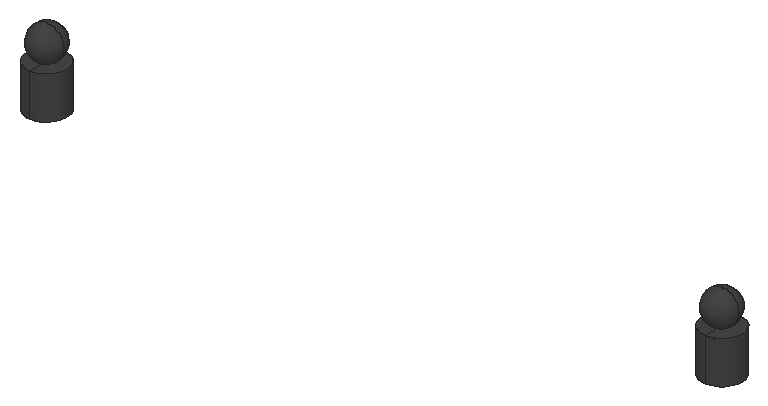
Revit family "KL-4348P70", category Lighting Fixtures, Revit 2014
Parameters (values of type "KL_4300")
  Width = 49.00"
  Wattage Comments = "default"
  Wattage = 74 W
  W2 = 24.50"
  W1 = 12.25"
  built-in parameter 1150110 = 1 (stored number, unit not read)
  Voltage = 120 V
  URL = "https://www.hubbell.com/kimlighting/en/"
  Type Comments = "Flood Light"  # constant formula
  built-in parameter 1114217 = 1 (stored number, unit not read)
  Tilt Angle = 90.00°
  built-in parameter 1150109 = 1 (stored number, unit not read)
  built-in parameter 1150134 = (empty or 0)
  built-in parameter 1150113 = 1 (stored number, unit not read)
  Series = "Sign/Wall Lighter"  # constant formula
  Radius = Diameter / 2  # 2.50"
  Product Page URL = "https://www.hubbell.com/kimlighting/en/Products/Lighting-Controls/Commercial-Outdoor-Lighting/Flood-Lighting/SignWall-Lighter/p/248291"
  Product Documentation Link = "https://hubbellcdn.com/specsheet/kl_4300_ledkit_spec.pdf"
  Power Factor = 1
  Photometric Web Link = "https://www.hubbell.com/kimlighting/en/Products/Lighting-Controls/Commercial-Outdoor-Lighting/Flood-Lighting/SignWall-Lighter/p/248291#prod-photometry-section"
  Photometric Web File = "4348p70-32l4k.ies"
  Photometric Notes = "More IES files download on Photometric Web Link"  # constant formula
  Number of Poles = 1
  Model = "Sign/Wall Lighter"  # constant formula
  MasterFormat Title = "Landscape Lighting, Site Lighting, Walkway Lighting"  # constant formula
  Manufacturer = "Kim Lighting"  # constant formula
  Lumens = 3899.8 lm
  built-in parameter 1150115 = 1 (stored number, unit not read)
  built-in parameter 1150105 = 310.34 (stored number, unit not read)
  Load Classification = Lighting
  built-in parameter 1150137 = (empty or 0)
  built-in parameter 1150139 = (empty or 0)
  built-in parameter 1150112 = 1 (stored number, unit not read)
  built-in parameter 1150114 = 1 (stored number, unit not read)
  Lamp = "LED"  # constant formula
  built-in parameter 1150132 = (empty or 0)
  built-in parameter 1150102 = (empty or 0)
  built-in parameter 1150138 = (empty or 0)
  built-in parameter 1150107 = 3000 (stored number, unit not read)
  built-in parameter 1150106 = 3.1034 (stored number, unit not read)
  Height = 24.00"
  Glass = Glass-KIM-Temper Molded
  Finish = Powder Coat-Kim-Black
  built-in parameter 1150104 = 4.896 (stored number, unit not read)
  Dimming Lamp Color Temperature Shift = <None>
  Diameter = 5.00"  # constant formula
  Description = "The 4300 Sign/Wall Lighter LED utilizes Kim's high performance PicoPrism optics to produce clean, smooth, illumination for sign lighting or wall wash applications. Its compact size makes it easy to conceal behind plants and shrubbery, while offering the latest in LED technology and energy efficiency."  # constant formula
  Color Filter = 16777215
  built-in parameter 1114218 = 1 (stored number, unit not read)
  built-in parameter 1150133 = 10 (stored number, unit not read)
  Assembly Code = "D5020200"
  Apparent Load = 0 VA
Reference planes (in)
  plane 1 "Light Source Axis (F/B)": y = 0
  plane 2: z = 0
  plane 3 "Light Source Axis (L/R)": x = 0
  plane 4 "Light Source Elevation": z = 32.62598
  plane 5: x = 24.5
  plane 6: x = -24.5
  plane 7: y = 4.25
  plane 8: z = 7.13
  plane 9: z = 2.25
  plane 10: x = -12.25
  plane 11: x = 12.25
Forms (in)
  Extrusion 1, solid, material "Powder Coat-Kim-Black" <- "Finish", detail levels coarse
    sketch origin (0, -1.625, -0.125) x (0, 1, 0) y (0, 0, 1)
      loop
        arc (0.05404, 4.06602) -> (3.91335, 4.33057) -> (1.03504, 6.91506) r 2.1
        line (1.03504, 6.91506) -> (0.05404, 4.06602)
    from -24.5 to 24.5
  Extrusion 2, void
    sketch origin (0, -0.58996, 6.79006) x (0, -0.325568, -0.945519) y (1, 0, 0)
      loop
        line (0.30784, -24.13215) -> (2.55784, -24.13215) -> (2.55784, 23.98785) -> (0.30784, 23.98785) -> (0.30784, -24.13215)
    from -0.26508 to 0
  Extrusion 3, solid, material "Glass-KIM-Temper Molded" <- "Glass", detail levels coarse
    sketch origin (0, -0.58996, 6.79006) x (0, -0.325568, -0.945519) y (1, 0, 0)
      loop
        line (0.30784, -24.13215) -> (2.55784, -24.13215) -> (2.55784, 23.98785) -> (0.30784, 23.98785) -> (0.30784, -24.13215)
    from -0.11827 to 0
  Revolve 4, solid, material "Powder Coat-Kim-Black" <- "Finish"
    sketch origin (-12.25, -2.0625, 0) x (0, 1, 0) y (0, 0, 1)
      loop
        line (2.06785, 0) -> (2.06785, 1.55851) -> (1.31785, 1.55851) -> (1.31785, 0) -> (2.06785, 0)
      axis (2.06785, 1.55851) -> (2.06785, 0)
    angle from 0 to 360
  Revolve 5, solid, material "Powder Coat-Kim-Black" <- "Finish"
    sketch origin (0, 0, 0) x (1, 0, 0) y (0, 0, 1)
      loop
        arc (-12.25, 1.55851) -> (-11.625, 2.18351) -> (-12.25, 2.80851) r 0.625
        line (-12.25, 2.80851) -> (-12.25, 1.55851)
      axis (-12.25, 2.80851) -> (-12.25, 1.55851)
    angle from 0 to 360
  Revolve 6, solid, material "Powder Coat-Kim-Black" <- "Finish"
    sketch origin (12.25, -2.0625, 0) x (0, 1, 0) y (0, 0, -1)
      loop
        line (2.06785, 0) -> (1.31785, 0) -> (1.31785, -1.55851) -> (2.06785, -1.55851) -> (2.06785, 0)
      axis (2.06785, -1.55851) -> (2.06785, 0)
    angle from 0 to 360
  Revolve 7, solid, material "Powder Coat-Kim-Black" <- "Finish"
    sketch origin (0, 0, 0) x (-1, 0, 0) y (0, 0, 1)
      loop
        arc (-12.25, 1.55851) -> (-11.625, 2.18351) -> (-12.25, 2.80851) r 0.625
        line (-12.25, 2.80851) -> (-12.25, 1.55851)
      axis (-12.25, 2.80851) -> (-12.25, 1.55851)
    angle from 0 to 360
Cuts and joins
  Extrusion 2 cuts Extrusion 1
  joined: Revolve 4, Revolve 5
Dimensions and locks (in)
  plane 5 to plane 6 = 49.00"
  "Width": plane 5 to plane 6
  "W1": plane 10 to plane 6
  equal spacing: plane 11, plane 3 "Light Source Axis (L/R)", plane 10
  "W2": plane 11 to plane 10
  aligned and locked: Extrusion 1 to plane 6
  aligned and locked: plane 5 to Extrusion 1
  aligned and locked: Extrusion 1 to Extrusion 2
  aligned and locked: plane 10 to Revolve 4
  aligned and locked: Revolve 5 sketch curve to plane 10
  aligned and locked: plane 11 to Revolve 6
Automatic sketch dimensions
  plane 1 "Light Source Axis (F/B)" to Extrusion 1 sketch curve = 1.57096"
  plane 1 "Light Source Axis (F/B)" to Extrusion 1 sketch curve = 0.58996"
  Extrusion 1 sketch curve to plane 1 "Light Source Axis (F/B)" = 0.30276"
  plane 9 to Extrusion 1 sketch curve = 1.69102"
  Extrusion 1 sketch curve to Extrusion 1 sketch curve = 0.94824"
  Extrusion 2 sketch curve to Extrusion 1 = 0.30784"
  Extrusion 2 sketch curve to Extrusion 1 = 0.45537"
  Extrusion 1 to Extrusion 2 sketch curve = 0.36785"
  Extrusion 1 to Extrusion 2 sketch curve = 0.51215"
  Extrusion 3 sketch curve to Extrusion 1 = 0.30784"
  Extrusion 3 sketch curve to Extrusion 1 = 0.45537"
  Extrusion 1 to Extrusion 3 sketch curve = 0.36785"
  Extrusion 1 to Extrusion 3 sketch curve = 0.51215"
  Revolve 4 sketch curve to level = 0.00"
  plane 1 "Light Source Axis (F/B)" to Revolve 4 sketch curve = 0.74465"
  Revolve 4 sketch curve to plane 1 "Light Source Axis (F/B)" = 0.00535"  (x2)
  Revolve 4 sketch curve to plane 9 = 0.69149"
  Revolve 4 sketch curve to level = 1.82748"
  plane 9 to Revolve 4 sketch curve = 1.42252"
  Revolve 6 sketch curve to level = 0.00"
  plane 1 "Light Source Axis (F/B)" to Revolve 6 sketch curve = 0.74465"
  Revolve 6 sketch curve to plane 1 "Light Source Axis (F/B)" = 0.00535"  (x2)
  Revolve 6 sketch curve to plane 9 = 0.69149"
  plane 9 to Revolve 6 sketch curve = 1.42252"
  Revolve 6 sketch curve to Revolve 6 sketch curve = 1.82748"
  Revolve 5 sketch curve to plane 10 = 0.00"
  Revolve 5 sketch curve to plane 9 = 0.69149"
  Revolve 5 sketch curve to plane 9 = 0.06649"
  Revolve 5 sketch curve to level = 19.05686"
  Revolve 5 sketch curve to plane 4 "Light Source Elevation" = 30.53725"
  Revolve 7 sketch curve to plane 11 = 0.00"  (x2)
  plane 9 to Revolve 7 sketch curve = 0.69149"
  plane 9 to Revolve 7 sketch curve = 0.06649"
  level to Revolve 7 sketch curve = 19.05686"
  plane 4 "Light Source Elevation" to Revolve 7 sketch curve = 30.53725"
Nested families (in)
  nested 1: "Notation" at (0, 4.62623, 0), type "Notation"
Connectors (in)
  electrical at (12.25, 0.00535, 0)
    settings: on Revolve 6, index 1, voltage 120 V, apparent load 56 VA, apparent load phase1 0 VA, apparent load phase2 0 VA, apparent load phase3 0 VA, power factor 1, load classification "Other", number of poles 1, system type 30, power factor state 1, is connector primary yes, connector utility no, sub classification motor no, connector description "Lighting Connector"
Definition of nested family "Notation"
  Parameters (values of type "Notation")
    Notation = "LF"
  Reference planes (in)
    plane 1: y = 0
    plane 2: x = 0
  Text (in)
    label "Notation" at (0.02149, 0.07192, 0), shows "Notation"
